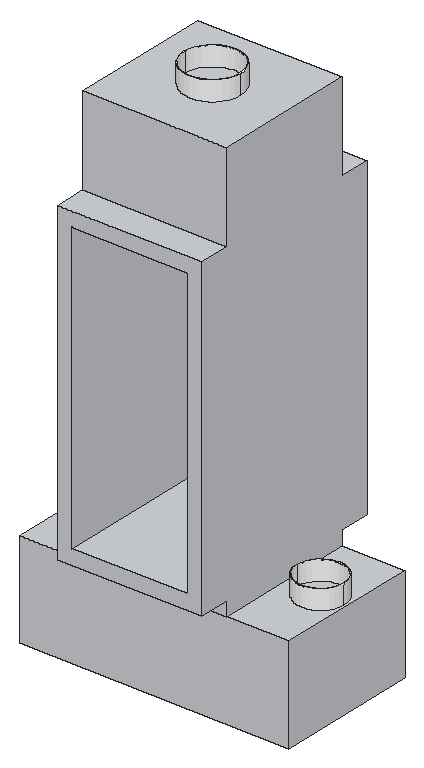
Revit family "TORCH C THRU", category Generic Models, Revit 2019
Family settings
  Can host rebar = No
  Round Connector Dimension = Use Diameter
  Part Type = Normal
  Work Plane-Based = No
  Always vertical = Yes
  Cut with Voids When Loaded = No
  Shared = No
  Room Calculation Point = No
Reference planes
  plane 1 "Center (Front/Back)": y = 0
  plane 2: z = 0
  plane 3 "Center (Left/Right)": x = 0
Forms (mm)
  Extrusion 1, solid
    sketch origin (0, 0, 0) x (1, 0, 0) y (0, 1, 0)
      loop
        line (-711.2, 381) -> (-711.2, -381) -> (711.2, -381) -> (711.2, 381) -> (-711.2, 381)
    from 0 to 508
  Extrusion 2, solid
    sketch origin (0, 0, 0) x (1, 0, 0) y (0, 1, 0)
      loop
        line (-381, 546.1) -> (-381, -546.1) -> (381, -546.1) -> (381, 546.1) -> (-381, 546.1)
    from 508 to 2730.5
  Extrusion 3, void
    sketch origin (0, 0, 0) x (0, 1, 0) y (0, 0, 1)
      loop
        line (546.1, 2730.5) -> (381, 2730.5) -> (381, 2260.6) -> (546.1, 2260.6) -> (546.1, 2730.5)
      loop
        line (-381, 2730.5) -> (-546.1, 2730.5) -> (-546.1, 2260.6) -> (-381, 2260.6) -> (-381, 2730.5)
      loop
        line (-546.1, 508) -> (-381, 508) -> (-381, 584.2) -> (-546.1, 584.2) -> (-546.1, 508)
      loop
        line (546.1, 584.2) -> (381, 584.2) -> (381, 508) -> (546.1, 508) -> (546.1, 584.2)
    from -500 to 500
  Extrusion 4, void
    sketch origin (0, 0, 0) x (1, 0, 0) y (0, 0, 1)
      loop
        line (-304.8, 2184.4) -> (-304.8, 660.4) -> (304.8, 660.4) -> (304.8, 2184.4) -> (-304.8, 2184.4)
    from -1306.868 to 1067.431
Cuts and joins
  Extrusion 3, Extrusion 4 cuts Extrusion 2
Dimensions and locks
  cut or joined group of Extrusion 2, Extrusion 3, Extrusion 4 to plane 3 "Center (Left/Right)" to cut or joined group of Extrusion 2, Extrusion 3, Extrusion 4 = 381 mm, 381 mm
  aligned and locked: level to plane 2
Nested families
  nested 1: "Duct Dia" at (571.5, 0, 508), type "9 7/8" Dia."
    with Height 102 mm
  nested 2: "Duct Dia" at (-571.5, 0, 508), type "9 7/8" Dia."
    with Height 102 mm
  nested 3: "Duct Dia" at (0, 0, 2730.5), type "11 3/4" Dia"
    with Height 102 mm
Connectors
  hvac at (0, 0, 2832.5)
    settings: on nested 3, index 1, duct flow 0.0 L/s, flow factor 0, pres drop 0.0 Pa, loss coef 0, conn angle 0.00°, conn width 304.8 mm, conn height 304.8 mm, conn diameter 298.5 mm, duct sys type 1, conn prof type 0, flow config 0, flow direction 0, loss method 0, conn ref index -1, conn util no, is conn primary yes, conn desc ""
  hvac at (571.5, 0, 610)
    settings: on nested 1, index 4, duct flow 0.0 L/s, flow factor 0, pres drop 0.0 Pa, loss coef 0, conn angle 0.00°, conn width 304.8 mm, conn height 304.8 mm, conn diameter 250.8 mm, duct sys type 1, conn prof type 0, flow config 0, flow direction 0, loss method 0, conn ref index -1, conn util no, is conn primary no, conn desc ""
  hvac at (-571.5, 0, 610)
    settings: on nested 2, index 5, duct flow 0.0 L/s, flow factor 0, pres drop 0.0 Pa, loss coef 0, conn angle 0.00°, conn width 304.8 mm, conn height 304.8 mm, conn diameter 250.8 mm, duct sys type 1, conn prof type 0, flow config 0, flow direction 0, loss method 0, conn ref index -1, conn util no, is conn primary no, conn desc ""
Definition of nested family "Duct Dia"
  Parameters (values of type "8 1/8" Dia")
    Intake Duct Dia = 206.375 mm
    Intake Diameter = Intake Duct Dia - 3.175 mm  # 203.2 mm
    Height = 6.35 mm
    Firebox Material = none
    Default Elevation = 1219.2 mm
  Types (6, lengths in mm): name | Intake Duct Dia | Intake Diameter | Height
    9 7/8" Dia. | 250.825 | 247.65 | 50.8
    7 7/8" Dia | 200.025 | 196.85 | 101.6
    8 1/8" Dia | 206.375 | 203.2 | 6.35
    11 3/4" Dia | 298.45 | 295.275 | 101.6
    4" Dia | 254 | 250.825 | 101.6
    13 7/8" Dia. | 352.425 | 349.25 | 50.8
  Reference planes
    plane 1 "Center (Front/Back)": y = 0
    plane 2: z = 0
    plane 3 "Center (Left/Right)": x = 0
    plane 4: z = 6.35
  Forms (mm)
    Extrusion 1, solid
      sketch origin (0, 0, 0) x (1, 0, 0) y (0, 1, 0)
        loop
          line (-1219.2, 1219.2) -> (-1219.2, -1219.2) -> (1219.2, -1219.2) -> (1219.2, 1219.2) -> (-1219.2, 1219.2)
      from 0 to -304.8
    Extrusion 2, solid, material <- "Firebox Material"
      sketch origin (0, 0, 0) x (1, 0, 0) y (0, 1, 0)
        loop
          circle (0, 0) r 103.187
        loop
          circle (0, 0) r 101.6
      from 0 to 6.35
  Dimensions and locks
    "Height": plane 4 to level
    "Intake Duct Dia": diameter of Extrusion 2 sketch curve
    "Intake Diameter": diameter of Extrusion 2 sketch curve
    aligned and locked: plane 2 to Extrusion 1
    aligned and locked: level to Extrusion 1
    aligned and locked: plane 4 to Extrusion 2
  Automatic sketch dimensions
    Extrusion 1 sketch curve to Extrusion 1 sketch curve = 2438.4 mm  (x2)
    Extrusion 2 sketch curve to Extrusion 2 sketch curve = 0 mm  (x2)
    plane 1 "Center (Front/Back)" to Extrusion 2 sketch curve = 0 mm
    Extrusion 2 sketch curve to plane 3 "Center (Left/Right)" = 0 mm
